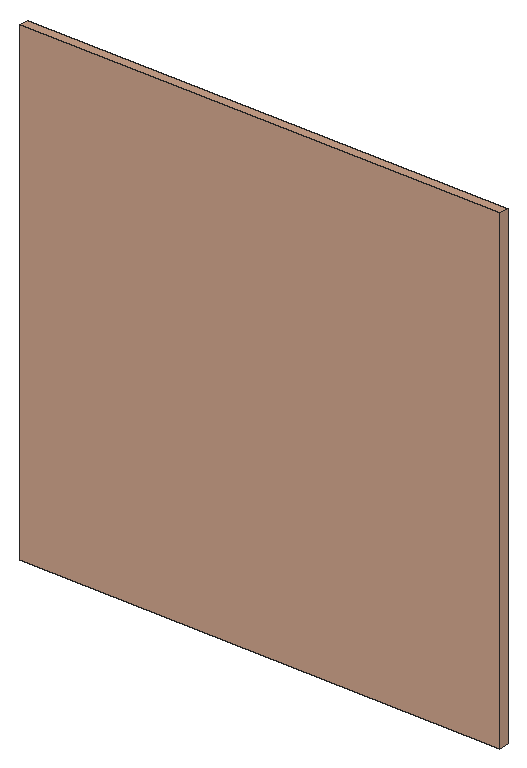
Revit family "PISO PARED HEXAGONO COTTO_267011751", category Modelos genéricos, Revit 2024
Family settings
  Puede alojar armadura = No
  Cota de conector redondo = Usar diámetro
  Tipo de pieza = Normal
  Se basa en plano de trabajo = No
  Siempre vertical = Sí
  Corte con vacíos al cargar = No
  Mantener orientación de anotación = No
  Compartido = No
  Punto de cálculo de habitación = No
Parameters
  Elevación por defecto = 0 mm
Reference planes
  plane 1 "Center (Front/Back)": y = 0
  plane 2: z = 0
  plane 3 "Center (Left/Right)": x = 0
Forms (mm)
  Extrusion 1, solid, material "Analytical Panels"
    sketch origin (0, 0, 0) x (1, 0, 0) y (0, 1, 0)
      loop
        line (-1366.384, -136.448) -> (-1366.384, -194.576) -> (1633.616, -194.576) -> (1633.616, -136.448) -> (-1366.384, -136.448)
    from 0 to 3000
Dimensions and locks
  Extrusion 1 sketch curve to Extrusion 1 sketch curve = 58.128 mm
  Extrusion 1 to Extrusion 1 = 3000 mm  (x2)
  aligned and locked: level to plane 2
